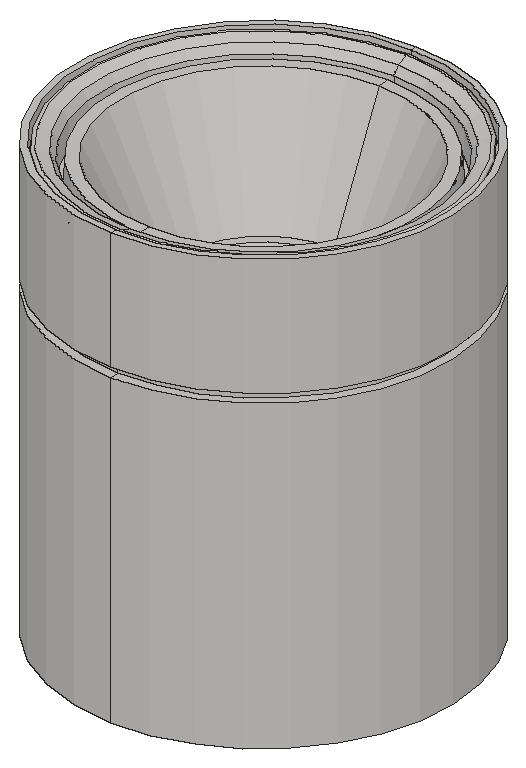
Revit family "Lighting-Luminii-Leto_11_Mini_Wet_S", category Lighting Fixtures, host Face, Revit 2023
Family settings
  Host = Face
  Round Connector Dimension = Use Diameter
  Part Type = Normal
  OmniClass Number = 23.80.70.11.14.11
  OmniClass Title = Downlights
  Cut with Voids When Loaded = No
  Light Source = Yes
  Maintain Annotation Orientation = No
  Shared = Yes
  Room Calculation Point = No
Parameters (values of type "Small")
  Width = 2.51969"  # constant formula
  Wattage Comments = "6.1W"
  Wattage = 7.36842 W
  Warranty URL = "https://www.luminii.com/terms-conditions/"
  built-in parameter 1150110 = 1 (stored number, unit not read)
  Voltage Comments = "120V | 277V | 347V"  # constant formula
  Voltage = 120 V
  Version = "2020 - v1.0a"  # constant formula
  URL = "https://www.luminii.com/"
  built-in parameter 1114217 = 1 (stored number, unit not read)
  Tilt Angle = 90.00°  # constant formula
  built-in parameter 1150109 = 1 (stored number, unit not read)
  built-in parameter 1150134 = (empty or 0)
  built-in parameter 1150113 = 1 (stored number, unit not read)
  Support Phone = "224-699-9545"  # constant formula
  Support Email = "mailto:support@bimsmith.com"
  Product Page URL = "https://www.luminii.com/product/leto-11-mini-s/"
  Power Source Type = "Driver"  # constant formula
  Power Factor = 1
  Photometric Web File = "LET11MW-L-10-35K-F20-NA.ies"
  Phase = 1
  Operating Temperature = "Consult Manufacturer Website for more Information"  # constant formula
  Number of Poles = if(and(or(Voltage = 120 V, Voltage = 277 V), Phase = 1), 1, if(and(or(Voltage = 208 V, Voltage = 240 V), Phase = 1), 2, if(and(or(Voltage = 208 V, Voltage = 240 V), Phase = 3), 3, if(and(Voltage > 300 V, Phase = 1), 2, if(and(Voltage > 400 V, Phase = 3), 3, 1)))))  # 1
  Mounting Method = "Surface Mounted"  # constant formula
  Model = if(Constraints = 1, "654-S", if(Constraints = 2, "654-M", if(Constraints = 3, "654-L", "N/A")))  # "654-S"
  Manufacturer Phone Number = "403-216-7043"  # constant formula
  Manufacturer Email = "mailto: info@sensolighting.com"
  Manufacturer Address = "302 50 Ave SE. Calgary, Alberta, T2G 2A9 Canada"  # constant formula
  Manufacturer = "Luminii"  # constant formula
  built-in parameter 1150105 = 55.704 (stored number, unit not read)
  Lumens = 700 lm
  Luminaire Type = "Surface LED Light"  # constant formula
  built-in parameter 1150115 = 1 (stored number, unit not read)
  Load Classification = Lighting
  built-in parameter 1150137 = (empty or 0)
  built-in parameter 1150139 = (empty or 0)
  Lens Material = Plastic - Luminii - Frosted Lens
  Length Comments [instance] = "Perfomance based on 1\" Photometric Web File"  # constant formula
  Length [instance] = if(Constraints = 1, 2.87402", if(Constraints = 2, 8.22835", if(Constraints = 3, 13.62205", 2.87402")))  # 2.87402"
  built-in parameter 1150112 = 1 (stored number, unit not read)
  built-in parameter 1150114 = 1 (stored number, unit not read)
  Lamp Life = 1
  Lamp = "LED"  # constant formula
  Keynote = "26 51 00"
  built-in parameter 1150132 = 2
  built-in parameter 1150102 = (empty or 0)
  built-in parameter 1150107 = 3500 (stored number, unit not read)
  Initial Color Comments = "Perfomance based on 3500K Photometric Web File"  # constant formula
  built-in parameter 1150138 = (empty or 0)
  built-in parameter 1150106 = 0.55704 (stored number, unit not read)
  Housing Protection Rating = "Consult Manufacturer Website for more Information"  # constant formula
  Has Dimming = 1 = 1  # yes
  Has Battery Backup = 0 = 1  # no
  Frequency Comments = ""  # constant formula
  Frequency = 60 Hz
  Finish = Metal - Luminii - Silver Anodized Aluminum
  Environment = "Indoor"  # constant formula
  built-in parameter 1150104 = 8.8258 (stored number, unit not read)
  Dimming Type = "Consult Manufacturer Website for more Information"  # constant formula
  Dimming Lamp Color Temperature Shift = <None>
  Description = "Surface mount cylinder"  # constant formula
  Depth = 2.51969"  # constant formula
  Default Elevation = 0"  # constant formula
  Current Amps = 50 A
  Copyright = "©2023 Luminii"  # constant formula
  Control Zone = "Consult Manufacturer Website for more Information"  # constant formula
  Control Type = "Consult Manufacturer Website for more Information"  # constant formula
  Constraints = 1
  Color Filter = 16777215
  built-in parameter 1114216 [instance] = 0  # (empty or 0)
  built-in parameter 1140040 [instance] = 1 = 1  # 1
  CCT = "3500K"
  built-in parameter 1114218 = 1 (stored number, unit not read)
  built-in parameter 1150133 = 10 (stored number, unit not read)
  Assembly Code = "D5020200"
  Apparent Load = Wattage / Power Factor  # 7.36842 VA
Types (3): name | Model | Length | Constraints
  Medium | "654-M" | 8.22835" | 2
  Large | "654-L" | 13.62205" | 3
  Small | "654-S" | 2.87402" | 1
Reference planes (in)
  plane 1 "Center (Front/Back)": y = 0
  plane 2: z = 0
  plane 3 "Center (Left/Right)": x = 0
  plane 4: x = -1.25984
  plane 5: x = 1.25984
  plane 6: y = 1.25984
  plane 7: y = -1.25984
  plane 8: z = 2.87402
Forms (in)
  Extrusion 1, solid, material "Metal - Luminii - Silver Anodized Aluminum" <- "Finish", not visible
    sketch origin (0, 0, 0) x (1, 0, 0) y (0, 1, 0)
      loop
        circle (0, 0) r 0.5
    from 0 to -0.17225
Dimensions and locks (in)
  equal spacing: plane 4, plane 3 "Center (Left/Right)", plane 5
  equal spacing: plane 6, plane 1 "Center (Front/Back)", plane 7
  "Depth": plane 6 to plane 7
  "Width": plane 4 to plane 5
  "Length": plane 8 to plane 2
  aligned and locked: plane 2 to host face
  aligned and locked: plane 3 "Center (Left/Right)" to Extrusion 1 sketch curve
  aligned and locked: plane 1 "Center (Front/Back)" to Extrusion 1 sketch curve
  aligned and locked: plane 2 to Extrusion 1  (x2)
  aligned and locked: plane 3 "Center (Left/Right)" to nested 1
  aligned and locked: plane 1 "Center (Front/Back)" to nested 1
  aligned and locked: imposter light to plane 1 "Center (Front/Back)"
  aligned and locked: imposter light to plane 8
  aligned and locked: plane 3 "Center (Left/Right)" to imposter light
Automatic sketch dimensions
  host sketch curve to host sketch curve = 96"  (x2)
  radius of Extrusion 1 sketch curve = 1/2"
Nested families (in)
  nested 1: "Nested - Lamp" at (0, 0, 0), type "Nested - Lamp"
    with Height 2.87402", Default Elevation 0", Constraints 1
Connectors (in)
  electrical at (0, 0, 0), driven by "Number of Poles", driven by "Load Classification", driven by "Voltage", driven by "Apparent Load", driven by "Power Factor"
    settings: on Extrusion 1, index 1, voltage 120 V, apparent load 7.36842 VA, apparent load phase1 0 VA, apparent load phase2 0 VA, apparent load phase3 0 VA, power factor 1, load classification "Lighting", number of poles 1, system type 30, power factor state 1, is connector primary yes, connector utility no, sub classification motor no, connector description "Power Connection"
Definition of nested family "Nested - Lamp"
  Parameters (values of type "Nested - Lamp")
    Lens Material = none
    Inner Screen = none
    Height = if(Constraints = 1, 2.87402", if(Constraints = 2, 8.2874", if(Constraints = 3, 13.62205", 2.87402")))  # 13.62205"
    Finish = none
    Default Elevation = 48"
    Constraints = 3
  Reference planes (in)
    plane 1 "Center (Front/Back)": y = 0
    plane 2: z = 0
    plane 3 "Center (Left/Right)": x = 0
    plane 4: y = 1.25
    plane 5: y = -1.25
    plane 6: x = -1.25
    plane 7: x = 1.25
    plane 8: z = 13.62205
  Forms (in)
    Extrusion 1, solid
      sketch origin (0, 0, 0) x (1, 0, 0) y (0, 1, 0)
        loop
          line (-48, 48) -> (-48, -48) -> (48, -48) -> (48, 48) -> (-48, 48)
      from 0 to -12
    Revolve 2, solid, material <- "Finish", detail levels medium+fine
      sketch origin (0, 0, 0) x (0, 1, 0) y (0, 0, 1)
        loop
          line (1.25, 13.62205) -> (1.21031, 13.62205) -> (1.21031, 13.51535) -> (1.12463, 13.42967) -> (1.12463, 0.11811) -> (0, 0.11811) -> (0, 0.04341) -> (1.19483, 0.04341) -> (1.19483, 0) -> (1.25, 0) -> (1.25, 12.77559) -> (1.19101, 12.77559) -> (1.19101, 12.83465) -> (1.25, 12.83465) -> (1.25, 13.62205)
        axis (0, 13.62205) -> (0, 0)
      angle from 0 to 360
    Revolve 3, solid, material <- "Inner Screen", detail levels medium+fine
      sketch origin (0, 2.89466, 13.62205) x (0, -1, 0) y (0, 0, -1)
        loop
          arc (1.70127, 0.03321) -> (1.70809, 0.01858) -> (1.72402, 0.01606) r 0.01718
          line (1.72402, 0.01606) -> (1.7973, 0.04129) -> (1.82801, 0.09447) -> (1.83533, 0.24409) -> (1.86648, 0.24409) -> (1.87589, 0.09646) -> (1.95016, 0.09646) -> (2.31636, 0.88976) -> (2.37687, 0.88976) -> (2.42189, 0.96469) -> (2.52571, 0.96469) -> (2.57975, 0.98397) -> (2.89466, 0.98397) -> (2.89466, 1.01963) -> (2.57975, 1.01963) -> (2.52711, 0.99619) -> (2.40414, 0.99619) -> (2.35912, 0.92126) -> (2.29474, 0.92126) -> (1.99361, 0.26889) -> (1.80428, 0.26889) -> (1.8018, 0.22166) -> (1.70613, 0.12598) -> (1.70127, 0.03321)
        axis (2.89466, 0.01606) -> (2.89466, 1.01963)
      angle from 0 to 360
    Extrusion 4, solid, material <- "Lens Material"
      sketch origin (0, 0, 12.63808) x (0, 1, 0) y (-1, 0, 0)
        loop
          circle (0, 0) r 0.31491
      from 0 to 0.02756
    Revolve 5, solid, material <- "Finish", detail levels coarse
      sketch origin (0, 0, 0) x (0, 1, 0) y (0, 0, 1)
        loop
          line (1.25, 13.62205) -> (1.21031, 13.62205) -> (1.21031, 13.51535) -> (1.12463, 13.42967) -> (1.12463, 0.11811) -> (0, 0.11811) -> (0, 0) -> (1.25, 0) -> (1.25, 13.62205)
        axis (0, 13.62205) -> (0, 0)
      angle from 0 to 360
    Revolve 6, solid, material <- "Inner Screen", detail levels coarse
      sketch origin (0, 2.89466, 2.8747) x (0, -1, 0) y (0, 0, -1)
        loop
          line (1.70037, -10.73197) -> (1.80671, -10.73197) -> (1.95016, -10.65157) -> (2.35984, -9.76407) -> (2.89466, -9.76407) -> (2.89466, -9.72841) -> (2.34015, -9.72841) -> (1.99361, -10.47914) -> (1.71362, -10.47914) -> (1.70037, -10.73197)
        axis (2.89466, -10.73197) -> (2.89466, -9.72841)
      angle from 0 to 360
  Lines and regions (in)
    reference lines
      curve 1: line (0, 2.89466, 13.62205) -> (0, -2.68701, 13.62205)
  Dimensions and locks (in)
    plane 8 to Revolve 2 sketch curve to Revolve 2 sketch curve = 0.1067" locked, 0.08568" locked
    "Height": plane 8 to Extrusion 1
    Extrusion 4 to Extrusion 4 to curve 1 = 0.02756" locked, 0.95641" locked
    Revolve 2 sketch curve to Revolve 2 sketch curve to curve 1 = 0.05906" locked, 0.7874" locked
    "Height": curve 1 to plane 2
    Revolve 5 sketch curve to Revolve 5 sketch curve to curve 1 = 0.08568" locked, 0.1067" locked
    Revolve 6 sketch curve to Revolve 6 sketch curve to Revolve 6 sketch curve to Revolve 6 sketch curve to Revolve 6 sketch curve to curve 1 = 0.03566" locked, 0.71507" locked, 0.17244" locked, 0.0804" locked, 0.01538" locked
    aligned and locked: plane 2 to Extrusion 1
    aligned and locked: level to Extrusion 1
    aligned and locked: Revolve 2 sketch curve to plane 8
    aligned and locked: curve 1 to Revolve 5 sketch curve
  Automatic sketch dimensions
    Extrusion 1 sketch curve to Extrusion 1 sketch curve = 96"  (x2)
    Revolve 3 sketch curve to curve 1 = 0.03321"
    curve 1 to Revolve 3 sketch curve = 1.70127"
    Revolve 3 sketch curve to curve 1 = 0.12598"
    Revolve 3 sketch curve to Revolve 3 sketch curve = 0.00486"
    Revolve 3 sketch curve to Revolve 3 sketch curve = 0.01716"
    Revolve 3 sketch curve to curve 1 = 0.01606"
    Revolve 3 sketch curve to Revolve 3 sketch curve = 0.00559"
    Revolve 3 sketch curve to curve 1 = 0.04129"
    Revolve 3 sketch curve to Revolve 3 sketch curve = 0.07328"
    Revolve 3 sketch curve to curve 1 = 0.22166"
    Revolve 3 sketch curve to Revolve 3 sketch curve = 0.09567"
    Revolve 3 sketch curve to Revolve 3 sketch curve = 0.00248"
    Revolve 3 sketch curve to curve 1 = 0.09447"
    Revolve 3 sketch curve to Revolve 3 sketch curve = 0.03071"
    Revolve 3 sketch curve to curve 1 = 0.24409"
    Revolve 3 sketch curve to Revolve 3 sketch curve = 0.03105"
    Revolve 3 sketch curve to Revolve 3 sketch curve = 0.03115"
    Revolve 3 sketch curve to curve 1 = 0.09646"
    Revolve 3 sketch curve to Revolve 3 sketch curve = 0.04789"
    Revolve 3 sketch curve to Revolve 3 sketch curve = 0.07427"
    Revolve 3 sketch curve to curve 1 = 0.26889"
    Revolve 3 sketch curve to Revolve 3 sketch curve = 0.12713"
    Revolve 3 sketch curve to Revolve 3 sketch curve = 0.30113"
    Revolve 3 sketch curve to Revolve 3 sketch curve = 0.02161"
    Revolve 3 sketch curve to curve 1 = 0.92126"
    Revolve 3 sketch curve to Revolve 3 sketch curve = 0.04276"
    Revolve 3 sketch curve to curve 1 = 0.88976"
    Revolve 3 sketch curve to Revolve 3 sketch curve = 0.01775"  (x2)
    Revolve 3 sketch curve to curve 1 = 0.99619"
    Revolve 3 sketch curve to Revolve 3 sketch curve = 0.04502"
    Revolve 3 sketch curve to Revolve 3 sketch curve = 0.10382"
    Revolve 3 sketch curve to Revolve 3 sketch curve = 0.0014"
    Revolve 3 sketch curve to Revolve 3 sketch curve = 0.05264"
    Revolve 3 sketch curve to curve 1 = 0.98397"
    Revolve 3 sketch curve to Revolve 3 sketch curve = 0"
    Revolve 3 sketch curve to Revolve 3 sketch curve = 0.31491"
    Revolve 3 sketch curve to Revolve 3 sketch curve = 0.0315"
    Revolve 3 sketch curve to Revolve 3 sketch curve = 0.03566"
    curve 1 to Revolve 3 sketch curve = 0.19685"
    Revolve 3 sketch curve to Revolve 3 sketch curve = 0.9445"
    Revolve 3 sketch curve to Revolve 3 sketch curve = 0.92235"
    Revolve 5 sketch curve to plane 1 "Center (Front/Back)" = 0"  (x2)
    Revolve 5 sketch curve to plane 4 = 0"
    Revolve 5 sketch curve to plane 4 = 0.12537"
    Revolve 5 sketch curve to plane 4 = 0.03969"
    Revolve 5 sketch curve to Revolve 5 sketch curve = 5.71313"
    Revolve 5 sketch curve to Revolve 5 sketch curve = 7.30315"
    Revolve 6 sketch curve to plane 1 "Center (Front/Back)" = 0"  (x2)
    Revolve 6 sketch curve to plane 4 = 0.34894"
    Revolve 6 sketch curve to Revolve 6 sketch curve = 0.04344"
    Revolve 6 sketch curve to plane 4 = 0.06896"
    Revolve 6 sketch curve to Revolve 6 sketch curve = 0.92235"
    Revolve 6 sketch curve to Revolve 6 sketch curve = 0.01325"
    Revolve 6 sketch curve to Revolve 6 sketch curve = 0.29331"
    Revolve 6 sketch curve to Revolve 6 sketch curve = 0.10634"
    Revolve 6 sketch curve to Revolve 6 sketch curve = 0.55452"
    Revolve 6 sketch curve to Revolve 6 sketch curve = 0.01969"
    Revolve 5 sketch curve to level = 0"
    level to Revolve 5 sketch curve = 0.11811"
    Revolve 2 sketch curve to plane 1 "Center (Front/Back)" = 0"  (x2)
    Revolve 2 sketch curve to level = 0"
    Revolve 2 sketch curve to plane 4 = 0"  (x2)
    Revolve 2 sketch curve to plane 4 = 0.12537"
    Revolve 2 sketch curve to Revolve 2 sketch curve = 0.05899"
    Revolve 2 sketch curve to plane 4 = 0.05517"
    Revolve 2 sketch curve to plane 4 = 0.03969"
    level to Revolve 2 sketch curve = 0.04341"
    Revolve 2 sketch curve to Revolve 2 sketch curve = 0.0747"
    Revolve 2 sketch curve to plane 8 = 0.49213"
    plane 8 to Revolve 2 sketch curve = 1.9685"
    plane 5 to curve 1 = 1.43701"
    plane 4 to curve 1 = 1.64466"
    radius of Extrusion 4 sketch curve to Revolve 3 = 0"
